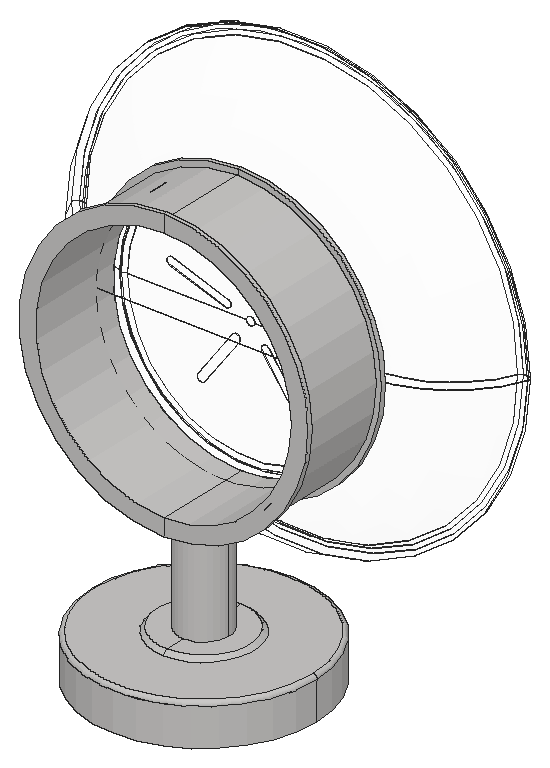
Revit family "PRD_FrankeWS_SpDshs_MEDIUSSoapTray_MEDX007HP", category Specialty Equipment, host Face, Revit 2018
Family settings
  Host = Face
  Round Connector Dimension = Use Diameter
  Part Type = Normal
  OmniClass Number = 23.40.20.21.34
  OmniClass Title = Soap Holders, Dispensers
  Cut with Voids When Loaded = No
  Shared = No
  Room Calculation Point = No
Parameters (values of type "MEDX007HP")
  WarrantyStartDate [instance] = "1900-12-31T23:59:59"
  WarrantyGuarantorParts = "n/a"
  WarrantyGuarantorLabor = "n/a"
  WarrantyDurationUnit = "year"
  WarrantyDurationParts = "n/a"
  WarrantyDurationLabor = "n/a"
  WarrantyDescription = "n/a"
  Version = "1"
  Uniclass2015Version = "Products v1.17"
  Uniclass2015Title = "Soap dishes"
  Uniclass2015Code = "Pr_40_20_76_82"
  URL = "www.kwc.com"
  TypeOfMounting = "Wall mounting"
  TypeOfFixing = "Screw"
  TrayMaterial = PRD_AR_FrostedGlass
  TagNumber [instance] = "n/a"
  SustainabilityPerformance = "n/a"
  Style = "Soap tray"
  Size = "110 x 55 x 125 mm"
  Shape = "n/a"
  SerialNumber [instance] = "n/a"
  Revision = "n/a"
  ReplacementCost = "n/a"
  ProductInformation = "https://pim.kwc.com/product/2000106253/attachment/datasheet?locale=en"
  NominalWidth = 110.00 mm
  NominalHeight = 55.00 mm
  NominalDepth = 125.00 mm
  NetWeight = 0.27 kg
  Name = "Soap Tray MEDX007HP"
  NBSTypeID = "n/a"
  NBSReference = "45-35-72/356"
  NBSOfficeMasterTag = "n/a"
  NBSNote = "n/a"
  NBSDescription = "Soap dishes"
  NBSCertification = "n/a"
  ModelReference = "MEDX007HP"
  ModelNumber = "2000106253"
  Model = ModelReference  # "MEDX007HP"
  MaterialCode = "1.4301"
  Material = "stainless steel"
  ManufacturerURL = "www.kwc.com"
  ManufacturerName = "KWC Group AG"  # constant formula
  Manufacturer = ManufacturerName  # "KWC Group AG"
  MainColor = "stainless steel"
  IsBuiltIn = "TRUE"
  IntegralAccessories = "incl. stainless steel screws and dowels"
  InstallationDate [instance] = "1900-12-31T23:59:59"
  IfcExportType = "USERDEFINED"
  IfcExportAs = "IfcFurnitureType"
  HolderMaterial = PRD_AR_StainlessSteel_HighPolished
  GrossWeight = 0.35 kg
  Grade = "n/a"
  Finish = "high polished"
  Features = "stainless steel, surface high polished"
  ExpectedLife = "n/a"
  DurationUnit = "year"
  Description = "Soap dish for wall mounting, 304 stainless steel, glass dish, round covers to conceal the fixing of screws, inclusive stainless steel screws and dowels."
  Default Elevation = 1200.00 mm
  CreateOn = "05/2020"  # constant formula
  Constituents = "n/a"
  Color = "n/a"
  CodePerformance = "n/a"
  Category = "Pr_40_20_76_82, Soap dishes"
  BarCode [instance] = "n/a"
  BIMObjectName = "PRD_AR_SoapDishes_MEDIUSSoapTray_MEDX007HP"
  Author = "Archispace"  # constant formula
  AssetType = "Fixed"
  AssetIdentifier [instance] = "n/a"
  AccessibilityPerformance = "n/a"
Reference planes
  plane 1 "Center (Front/Back)": y = 0
  plane 2: z = 0
  plane 3 "Center (Left/Right)": x = 0
  plane 4: z = 82.5
Forms (mm)
  Extrusion 1, solid, material "PRD_AR_StainlessSteel_HighPolished" <- "HolderMaterial", detail levels fine
    sketch origin (273, 0, 0) x (1, 0, 0) y (0, 1, 0)
      loop
        circle (-273, 0) r 27
    from 0 to 10
  Extrusion 2, solid, material "PRD_AR_StainlessSteel_HighPolished" <- "HolderMaterial", detail levels medium
    sketch origin (273, 0, 0) x (1, 0, 0) y (0, 1, 0)
      loop
        circle (-273, 0) r 27
    from 0 to 10
  Sweep 3, void
    path in 3D
      loop
        arc (-27, 0, 10) -> (0, 27, 10) -> (27, 0, 10) r 27
        arc (27, 0, 10) -> (0, -27, 10) -> (-27, 0, 10) r 27
    profile origin (0, -27, 10) x (0, -1, 0) y (0, 0, 1)
      loop
        line (0, 0) -> (-1, 0)
        arc (-1, 0) -> (-0.293, -0.293) -> (0, -1) r 1
        line (0, -1) -> (0, 0)
  Extrusion 4, solid, material "PRD_AR_StainlessSteel_HighPolished" <- "HolderMaterial", detail levels fine
    sketch origin (0, 0, 0) x (1, 0, 0) y (0, 1, 0)
      loop
        circle (0, 0) r 6
    from 11 to 38.797
  Extrusion 5, solid, material "PRD_AR_StainlessSteel_HighPolished" <- "HolderMaterial", detail levels medium
    sketch origin (0, 0, 0) x (1, 0, 0) y (0, 1, 0)
      loop
        circle (0, 0) r 6
    from 10 to 15.5
  Sweep 6, solid, material "PRD_AR_FrostedGlass" <- "TrayMaterial", detail levels medium
    path origin (0, 0, 0) x (0, 1, 0) y (0, 0, 1)
      loop
        line (30, 82.5) -> (-12, 82.5)
    profile origin (0, 9, 82.5) x (0, 0, -1) y (1, 0, 0)
      loop
        circle (12.5, 0) r 55
  Extrusion 7, solid, material "PRD_AR_StainlessSteel_HighPolished" <- "HolderMaterial", detail levels coarse
    sketch origin (0, 0, 0) x (1, 0, 0) y (0, 0, 1)
      loop
        line (-55, 0) -> (55, 0) -> (55, 70)
        arc (55, 70) -> (0, 125) -> (-55, 70) r 55
        line (-55, 70) -> (-55, 0)
    from -30 to 27
  Revolve 8, solid, material "PRD_AR_StainlessSteel_HighPolished" <- "HolderMaterial", detail levels fine
    sketch origin (0, 0, 0) x (0, 1, 0) y (0, 0, 1)
      loop
        line (-11, 38.4) -> (-10, 38.4) -> (-10, 36.9) -> (10, 36.9) -> (10, 35.5) -> (11, 35.5) -> (11, 39.5) -> (-12, 39.5) -> (-12, 35.5) -> (-11, 35.5) -> (-11, 38.4)
      axis (11, 70) -> (-12, 70)
    angle from 0 to 360
  Revolve 9, solid, material "PRD_AR_FrostedGlass" <- "TrayMaterial", detail levels fine
    sketch origin (0, 0, 70) x (1, 0, 0) y (0, 1, 0)
      loop
        arc (-30.388, 13.091) -> (-30.642, 13.757) -> (-31.275, 14.085) r 1
        arc (-31.275, 14.085) -> (-43.51, 18.963) -> (-51.567, 29.382) r 25
        arc (-51.567, 29.382) -> (-51.936, 29.831) -> (-52.492, 30) r 1
        line (-52.492, 30) -> (-53.57, 30)
        arc (-53.57, 30) -> (-54.397, 29.562) -> (-54.5, 28.632) r 1
        arc (-54.5, 28.632) -> (-45.039, 16.361) -> (-30.5, 11) r 28
        line (-30.5, 11) -> (-30.5, 6) -> (0, 6) -> (0, 14) -> (-29.388, 14)
        arc (-29.388, 14) -> (-30.095, 13.707) -> (-30.388, 13) r 1
      axis (0, 30) -> (0, 6)
    angle from 0 to 360
  Revolve 10, solid, material "PRD_AR_StainlessSteel_HighPolished" <- "HolderMaterial", detail levels fine
    sketch origin (0, 0, 0) x (0, 1, 0) y (0, 0, 1)
      loop
        line (0, 10) -> (12, 10) -> (11, 11) -> (0, 11) -> (0, 10)
      axis (0, 11) -> (0, 10)
    angle from 0 to 360
  Extrusion 11, solid, material "PRD_AR_FrostedGlass" <- "TrayMaterial", detail levels fine
    sketch origin (0, 0, 0) x (1, 0, 0) y (0, 0, 1)
      loop
        circle (0, 70) r 1
      loop
        arc (1, 90) -> (0, 91) -> (-1, 90) r 1
        line (-1, 90) -> (-1, 76)
        arc (-1, 76) -> (0, 75) -> (1, 76) r 1
        line (1, 76) -> (1, 90)
      loop
        arc (-18.712, 77.131) -> (-19.972, 76.489) -> (-19.33, 75.229) r 1
        line (-19.33, 75.229) -> (-6.015, 70.903)
        arc (-6.015, 70.903) -> (-4.755, 71.545) -> (-5.397, 72.805) r 1
        line (-5.397, 72.805) -> (-18.712, 77.131)
      loop
        line (18.712, 77.131) -> (5.397, 72.805)
        arc (5.397, 72.805) -> (4.755, 71.545) -> (6.015, 70.903) r 1
        line (6.015, 70.903) -> (19.33, 75.229)
        arc (19.33, 75.229) -> (19.972, 76.489) -> (18.712, 77.131) r 1
      loop
        line (12.565, 54.407) -> (4.336, 65.734)
        arc (4.336, 65.734) -> (2.939, 65.955) -> (2.718, 64.558) r 1
        line (2.718, 64.558) -> (10.947, 53.232)
        arc (10.947, 53.232) -> (12.343, 53.011) -> (12.565, 54.407) r 1
      loop
        arc (-12.565, 54.407) -> (-12.343, 53.011) -> (-10.947, 53.232) r 1
        line (-10.947, 53.232) -> (-2.718, 64.558)
        arc (-2.718, 64.558) -> (-2.939, 65.955) -> (-4.336, 65.734) r 1
        line (-4.336, 65.734) -> (-12.565, 54.407)
    from -14.195 to -13.091
Cuts and joins
  Sweep 3 cuts Extrusion 1
  joined: Extrusion 4, Revolve 8
  joined: Revolve 9, Extrusion 11
Lines and regions (mm)
  sketch lines
    curve 1: arc (27, 0, 10) -> (0, -27, 10) -> (-27, 0, 10) r 27
    curve 2: arc (-27, 0, 10) -> (0, 27, 10) -> (27, 0, 10) r 27
Dimensions and locks
  aligned and locked: plane 2 to host face
  aligned and locked: level to host face
